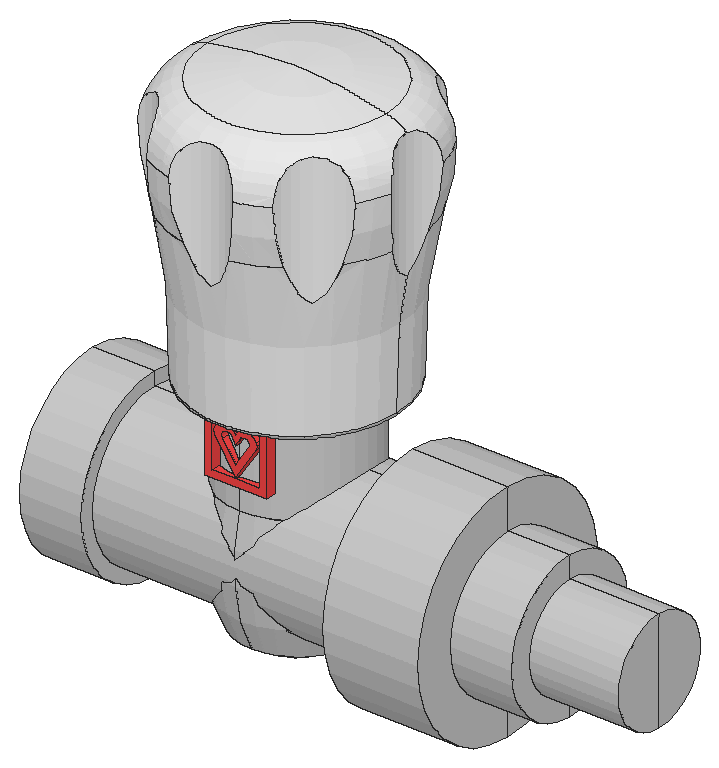
Revit family "GP Radiator Control Valve Straight Model 5523", category Rohrzubehör, Revit 2020
Family settings
  Bemaßung runder Anschluss = Durchmesser verwenden
  Teiletyp = Unterbricht
  OmniClass-Nummer = 23.65.55.14
  OmniClass-Titel = Valves for Liquid Services
  Arbeitsebenenbasiert = Nein
  Immer vertikal = Ja
  Beim Laden mit Abzugskörper schneiden = Nein
  Gemeinsam genutzt = Nein
Parameters
  W01 = 60.00°  # constant formula
  Vorgabe-Ansicht = 0.000 mm
  URL = "www.herzvalves.com"
  SCRNSEQ = "ARM;ARM_TYP=\"ALLF\";2"
  SCRNCODE = "05;00;02"  # constant formula
  S04 = 45.000 mm  # constant formula
  S03 = 61.000 mm  # constant formula
  S02 [instance] = L05 + L06 + L07  # 53.300 mm
  S01 = 10.000 mm  # constant formula
  R05 = 25.000 mm  # constant formula
  R04 = 2.000 mm  # constant formula
  R03 = 28.000 mm  # constant formula
  R02 = 11.500 mm  # constant formula
  R01 = 10.500 mm  # constant formula
  Part number [instance] = size_lookup("5523_", "Artnr", 0, Nennweite)  # 1552321
  Nennweite [instance] = 15.000 mm
  Model = "These universal models are nickel-plated and equipped with special sockets for threaded pipe and compression union connections."
  Medium = "Hot water quality according to Austrian standard ÖNORM H 5195 and/or VDI guideline 2035."
  Max. operating temperature = 110 °C  # constant formula
  Max. operating pressure = 1000000.0 Pa  # constant formula
  LO1 = 10.500 mm  # constant formula
  L07 [instance] = size_lookup("5523_", "L7", 1.000 mm, Nennweite)  # 22.300 mm
  L06 [instance] = size_lookup("5523_", "L6", 1.000 mm, Nennweite)  # 14.000 mm
  L05 [instance] = L02 - L04  # 17.000 mm
  L04 [instance] = size_lookup("5523_", "L4", 1.000 mm, Nennweite)  # 8.000 mm
  L03 [instance] = size_lookup("5523_", "L3", 1.000 mm, Nennweite)  # 9.000 mm
  L02 [instance] = size_lookup("5523_", "L2", 1.000 mm, Nennweite)  # 25.000 mm
  L01 [instance] = size_lookup("5523_", "L1", 1.000 mm, Nennweite)  # 30.000 mm
  Hersteller = "HERZ Armaturen Ges.m.b.H."  # constant formula
  Hand wheel = "plastic, white"  # constant formula
  H02 = 25.500 mm  # constant formula
  H01 = 17.000 mm  # constant formula
  GTI [instance] = size_lookup("5523_", "GT1", 1.000 mm, Nennweite)  # 13.200 mm
  GT [instance] = size_lookup("5523_", "GT", 1.000 mm, Nennweite)  # 9.500 mm
  G2 [instance] = Nennweite / 2  # 7.500 mm
  G1 [instance] = Nennweite / 2  # 7.500 mm
  D05 [instance] = size_lookup("5523_", "D5", 1.000 mm, Nennweite)  # 10.650 mm
  D04 [instance] = size_lookup("5523_", "D4", 1.000 mm, Nennweite)  # 16.500 mm
  D03 [instance] = size_lookup("5523_", "D3", 1.000 mm, Nennweite)  # 9.525 mm
  D02 [instance] = size_lookup("5523_", "D2", 1.000 mm, Nennweite)  # 11.500 mm
  D01 [instance] = size_lookup("5523_", "D1", 1.000 mm, Nennweite)  # 13.500 mm
  Body = "nickel-plated"  # constant formula
Reference planes
  plane 1 "Mitte (Vorne/hinten)": y = 0
  plane 2: z = 0
  plane 3 "Mitte (Links/rechts)": x = 0
Forms (mm)
  Revolve 1, solid, material "Messing, weicher Gelbton, geschweißt", detail levels fine
    sketch origin (0, 0, 0) x (1, 0, 0) y (0, 0, 1)
      loop
        line (-20.5, 0) -> (25, 0) -> (25, 9.525) -> (17, 9.525) -> (17, 11.5) -> (-21, 11.5) -> (-21, 13.5) -> (-30, 13.5) -> (-30, 7.5) -> (-20.5, 7.5) -> (-20.5, 0)
      axis (-30, 0) -> (25, 0)
    angle from 0 to 360
  Revolve 2, solid, material "Messing, weicher Gelbton, geschweißt", detail levels fine
    sketch origin (0, 0, 0) x (0, 1, 0) y (0, 0, 1)
      loop
        line (0, 25.5) -> (-10.5, 25.5) -> (-10.5, 7)
        arc (-10.5, 7) -> (-11.341, -2.816) -> (-8.325, -12.194) r 25
        line (-8.325, -12.194) -> (0, -17) -> (0, 25.5)
      axis (0, -17) -> (0, 25.5)
    angle from 0 to 360
  Revolve 3, solid, material "Messing, weicher Gelbton, geschweißt", detail levels fine
    sketch origin (0, 0, 0) x (1, 0, 0) y (0, 0, 1)
      loop
        line (25, 0) -> (53.3, 0) -> (53.3, 7.5) -> (40.1, 7.5) -> (40.1, 10.65) -> (31, 10.65) -> (31, 16.5) -> (17, 16.5) -> (17, 9.525) -> (25, 9.525) -> (25, 0)
      axis (17, 0) -> (53.3, 0)
    angle from 0 to 360
Lines and regions (mm)
  model lines, detail levels coarse+medium
    curve 1: line (-30, 0, 13.5) -> (-30, 0, -13.5)
    curve 2: line (-30, 0, -13.5) -> (30, 0, 13.5)
    curve 3: line (30, 0, 13.5) -> (30, 0, -13.5)
    curve 4: line (30, 0, -13.5) -> (-30, 0, 13.5)
    curve 5: line (30, 0, 13.5) -> (40, 0, 13.5)
    curve 6: line (40, 0, 13.5) -> (30, 0, 0)
    curve 7: line (30, 0, -13.5) -> (40, 0, -13.5)
    curve 8: line (40, 0, -13.5) -> (30, 0, 0)
    curve 9: line (30, 0, 0) -> (53.3, 0, 0)
    curve 10: line (0, 0, 0) -> (0, 0, 61)
    curve 11: line (-22.5, 0, 61) -> (22.5, 0, 61)
    curve 12: line (-30, 13.5, 0) -> (-30, -13.5, 0)
    curve 13: line (-30, -13.5, 0) -> (30, 13.5, 0)
    curve 14: line (30, 13.5, 0) -> (30, -13.5, 0)
    curve 15: line (30, -13.5, 0) -> (-30, 13.5, 0)
    curve 16: line (0, 0, 0) -> (0, 61, 0)
    curve 17: line (-22.5, 61, 0) -> (22.5, 61, 0)
    curve 18: line (30, 13.5, 0) -> (40, 13.5, 0)
    curve 19: line (40, 13.5, 0) -> (30, 0, 0)
    curve 20: line (30, -13.5, 0) -> (40, -13.5, 0)
    curve 21: line (40, -13.5, 0) -> (30, 0, 0)
Dimensions and locks
  "L01": Revolve 1 sketch curve to plane 3 "Mitte (Links/rechts)"
  "L02": Revolve 1 sketch curve to plane 3 "Mitte (Links/rechts)"
  "G1": Revolve 1 sketch curve to plane 2
  "GT": Revolve 1 sketch curve to Revolve 1 sketch curve
  "D01": Revolve 1 sketch curve to Revolve 1 sketch curve
  "D02": Revolve 1 sketch curve to Revolve 1 sketch curve
  "D03": Revolve 1 sketch curve to Revolve 1 sketch curve
  "L03": Revolve 1 sketch curve to Revolve 1 sketch curve
  "L04": Revolve 1 sketch curve to Revolve 1 sketch curve
  "H01": plane 2 to Revolve 2 sketch curve
  "H02": Revolve 2 sketch curve to plane 2
  "R01": Revolve 2 sketch curve to plane 1 "Mitte (Vorne/hinten)"
  "R02": Revolve 2 sketch curve to plane 1 "Mitte (Vorne/hinten)"
  "D03": Revolve 3 sketch curve to plane 2
  "L04": Revolve 3 sketch curve to Revolve 3 sketch curve
  "L05": Revolve 3 sketch curve to plane 3 "Mitte (Links/rechts)"
  "L06": Revolve 3 sketch curve to Revolve 3 sketch curve
  "L07": Revolve 3 sketch curve to Revolve 3 sketch curve
  "D04": Revolve 3 sketch curve to Revolve 3 sketch curve
  "G2": Revolve 3 sketch curve to Revolve 3 sketch curve
  "D05": Revolve 3 sketch curve to Revolve 3 sketch curve
  "GTI": Revolve 3 sketch curve to Revolve 3 sketch curve
  "LO1": nested 2 to plane 2
  "LO1": nested 1 to nested 2
  "D01": curve 4 to plane 2 to curve 2
  "D01": curve 3 to plane 2 to curve 4
  "L01": curve 1 to plane 3 "Mitte (Links/rechts)" to curve 3
  "S01": curve 3 to curve 6
  "S02": curve 9 to plane 3 "Mitte (Links/rechts)"
  "S03": curve 10 to plane 2
  equal spacing: curve 11, curve 10, curve 11
  "S04": curve 11 to curve 11
  "L01": curve 12 to plane 3 "Mitte (Links/rechts)" to curve 14
  "D01": curve 13 to plane 1 "Mitte (Vorne/hinten)" to curve 15
  "D01": curve 15 to plane 1 "Mitte (Vorne/hinten)" to curve 14
  "S03": plane 1 "Mitte (Vorne/hinten)" to curve 16
  equal spacing: curve 17, plane 3 "Mitte (Links/rechts)", curve 17
  "S04": curve 17 to curve 17
  "S01": curve 14 to curve 19
  "S01": curve 14 to curve 21
  "R05": radius of Revolve 2 sketch curve
  "W01": angle Revolve 2 sketch curve to Revolve 2 sketch curve
  aligned and locked: level to plane 2
Automatic sketch dimensions
  curve 10 to level = 0.000 mm
  curve 9 to level = 0.000 mm
  curve 3 to curve 7 = 10.000 mm
  curve 16 to plane 3 "Mitte (Links/rechts)" = 0.000 mm
  plane 1 "Mitte (Vorne/hinten)" to curve 19 = 0.000 mm
  Revolve 1 sketch curve to level = 0.000 mm  (x2)
  Revolve 1 sketch curve to Revolve 1 sketch curve = 1436.530 mm
  Revolve 1 sketch curve to Revolve 1 sketch curve = 1779.148 mm
  Revolve 2 sketch curve to plane 1 "Mitte (Vorne/hinten)" = 0.000 mm  (x2)
  Revolve 2 sketch curve to level = 0.000 mm
  Revolve 2 sketch curve to Revolve 2 sketch curve = 98.333 mm
  Revolve 2 sketch curve to Revolve 2 sketch curve = 1236.335 mm
  Revolve 3 sketch curve to level = 0.000 mm  (x2)
  Revolve 3 sketch curve to plane 3 "Mitte (Links/rechts)" = 1506.530 mm
  Revolve 3 sketch curve to Revolve 3 sketch curve = 1789.648 mm
Nested families
  nested 1: "Handrad-Heizkörperventile" at (0, 0, 20), type "Handrad-Heizkörperventile", detail levels fine
  nested 2: "Herz-Logo-vorne" at (0, -10.5, 15) x (0, 1, 0) z (0, 0, 1), type "Herz-Logo-vorne", detail levels fine
Connectors
  piping at (-20.5, 0, 0), diameter 15, driven by "Nennweite"
    settings: on Revolve 1, index 1, connector inside diameter 609.6 mm, connector length 0.000 mm, flow factor 0, pipe flow 0.0 L/s, pressure drop 0.0 Pa, fitting loss kfactor 0, connector angle 0.00°, fixture units 0, engagement length 0.000 mm, angle of deflection 0.00°, flow configuration 0, flow direction 1, fitting loss method 0, system type 7, joint type 0, gender type 0, connector reference index -1, connector utility 0, adjustable connector no, is connector primary yes, connector description ""
  piping at (53.3, 0, 0), diameter 15, driven by "Nennweite"
    settings: on Revolve 3, index 2, connector inside diameter 609.6 mm, connector length 0.000 mm, flow factor 0, pipe flow 0.0 L/s, pressure drop 0.0 Pa, fitting loss kfactor 0, connector angle 0.00°, fixture units 0, engagement length 0.000 mm, angle of deflection 0.00°, flow configuration 0, flow direction 2, fitting loss method 0, system type 7, joint type 0, gender type 0, connector reference index -1, connector utility 0, adjustable connector no, is connector primary no, connector description ""
Definition of nested family "Handrad-Heizkörperventile"
  Parameters (values of type "Handrad-Heizkörperventile")
    Default Elevation = 0.000 mm
    T01 = 5.500 mm  # constant formula
    R01 = 10.500 mm  # constant formula
  Reference planes
    plane 1 "Mitte (Vorne/hinten)": y = 0
    plane 2: z = 0
    plane 3 "Mitte (Links/rechts)": x = 0
  Forms (mm)
    Revolve 1, solid, detail levels fine
      sketch origin (0, 0, 0) x (1, 0, 0) y (0, 0, 1)
        loop
          line (10.5, 0) -> (14.25, 0)
          arc (14.25, 0) -> (14.604, 0.146) -> (14.75, 0.5) r 0.5
          arc (14.75, 0.5) -> (15.098, 12.356) -> (17.195, 24.03) r 80
          arc (17.195, 24.03) -> (18.172, 28.281) -> (18.5, 32.63) r 29
          arc (18.5, 32.63) -> (17.011, 36.946) -> (13.177, 39.426) r 7
          arc (13.177, 39.426) -> (6.637, 40.626) -> (0, 41.028) r 55
          line (0, 41.028) -> (0, 5.5) -> (10.5, 5.5) -> (10.5, 0)
        axis (0, 41.028) -> (0, 0)
      angle from 0 to 360
    Extrusion 2, void
      sketch origin (0, 0, 0) x (1, 0, 0) y (0, 1, 0)
        loop
          arc (-16.011, 9.268) -> (-11.314, 11.314) -> (-9.268, 16.011) r 7
          arc (-9.268, 16.011) -> (-13.081, 13.081) -> (-16.011, 9.268) r 18.5
        loop
          arc (16.011, 9.268) -> (13.081, 13.081) -> (9.268, 16.011) r 18.5
          arc (9.268, 16.011) -> (11.314, 11.314) -> (16.011, 9.268) r 7
        loop
          arc (-16.011, -9.268) -> (-13.081, -13.081) -> (-9.268, -16.011) r 18.5
          arc (-9.268, -16.011) -> (-11.314, -11.314) -> (-16.011, -9.268) r 7
        loop
          arc (16.011, -9.268) -> (11.314, -11.314) -> (9.268, -16.011) r 7
          arc (9.268, -16.011) -> (13.081, -13.081) -> (16.011, -9.268) r 18.5
        loop
          arc (17.953, 4.58) -> (16.078, -0.188) -> (17.953, -4.956) r 7
          arc (17.953, -4.956) -> (18.578, -0.188) -> (17.953, 4.58) r 18.5
        loop
          arc (-17.953, 4.58) -> (-18.578, -0.188) -> (-17.953, -4.956) r 18.5
          arc (-17.953, -4.956) -> (-16.078, -0.188) -> (-17.953, 4.58) r 7
        loop
          arc (-4.58, 17.953) -> (0.188, 16.078) -> (4.956, 17.953) r 7
          arc (4.956, 17.953) -> (0.188, 18.578) -> (-4.58, 17.953) r 18.5
        loop
          arc (-4.58, -17.953) -> (0.188, -18.578) -> (4.956, -17.953) r 18.5
          arc (4.956, -17.953) -> (0.188, -16.078) -> (-4.58, -17.953) r 7
      from 15.609 to 43.011
  Cuts and joins
    Extrusion 2 cuts Revolve 1
  Dimensions and locks
    "R01": Revolve 1 sketch curve to Revolve 1 sketch curve
    Revolve 1 sketch curve to plane 3 "Mitte (Links/rechts)" = 14.750 mm
    "T01": Revolve 1 sketch curve to Revolve 1 sketch curve
    aligned and locked: level to plane 2
  Automatic sketch dimensions
    Extrusion 2 sketch curve to Extrusion 2 sketch curve = 0.000 mm  (x14)
    plane 1 "Mitte (Vorne/hinten)" to Extrusion 2 sketch curve = 0.000 mm
    Extrusion 2 sketch curve to plane 3 "Mitte (Links/rechts)" = 0.000 mm
    Extrusion 2 sketch curve to plane 3 "Mitte (Links/rechts)" = 0.078 mm
    Extrusion 2 sketch curve to plane 3 "Mitte (Links/rechts)" = 16.263 mm  (x2)
    plane 1 "Mitte (Vorne/hinten)" to Extrusion 2 sketch curve = 0.188 mm  (x2)
    Extrusion 2 sketch curve to Extrusion 2 sketch curve = 6.815 mm  (x4)
    plane 3 "Mitte (Links/rechts)" to Extrusion 2 sketch curve = 0.078 mm
    plane 3 "Mitte (Links/rechts)" to Extrusion 2 sketch curve = 0.188 mm  (x2)
    plane 1 "Mitte (Vorne/hinten)" to Extrusion 2 sketch curve = 0.078 mm
    Extrusion 2 sketch curve to Extrusion 2 sketch curve = 0.110 mm  (x2)
    Extrusion 2 sketch curve to plane 1 "Mitte (Vorne/hinten)" = 0.078 mm
    plane 3 "Mitte (Links/rechts)" to Extrusion 2 sketch curve = 16.263 mm  (x2)
    plane 1 "Mitte (Vorne/hinten)" to Extrusion 2 sketch curve = 16.263 mm  (x2)
    Extrusion 2 sketch curve to plane 1 "Mitte (Vorne/hinten)" = 16.263 mm  (x2)
    Extrusion 2 sketch curve to plane 3 "Mitte (Links/rechts)" = 4.580 mm  (x2)
    Extrusion 2 sketch curve to Extrusion 2 sketch curve = 4.688 mm  (x2)
    Extrusion 2 sketch curve to Extrusion 2 sketch curve = 0.252 mm  (x4)
    Extrusion 2 sketch curve to Extrusion 2 sketch curve = 1.942 mm  (x4)
    Extrusion 2 sketch curve to Extrusion 2 sketch curve = 4.312 mm  (x4)
    Revolve 1 sketch curve to plane 3 "Mitte (Links/rechts)" = 0.000 mm  (x2)
    Revolve 1 sketch curve to level = 0.000 mm
    Revolve 1 sketch curve to plane 3 "Mitte (Links/rechts)" = 10.500 mm
    plane 3 "Mitte (Links/rechts)" to Revolve 1 sketch curve = 11.500 mm
    Revolve 1 sketch curve to Revolve 1 sketch curve = 0.500 mm
    level to Revolve 1 sketch curve = 4.086 mm
    Revolve 1 sketch curve to Revolve 1 sketch curve = 79.920 mm
    Revolve 1 sketch curve to level = 13.972 mm
    Revolve 1 sketch curve to Revolve 1 sketch curve = 27.130 mm
    Revolve 1 sketch curve to Revolve 1 sketch curve = 8.398 mm
    Revolve 1 sketch curve to Revolve 1 sketch curve = 0.000 mm
    Revolve 1 sketch curve to Revolve 1 sketch curve = 1.305 mm
    Revolve 1 sketch curve to Revolve 1 sketch curve = 352.073 mm
    Revolve 1 sketch curve to Revolve 1 sketch curve = 2173.287 mm
Definition of nested family "Herz-Logo-vorne"
  Parameters (values of type "Herz-Logo-vorne")
    Default Elevation = 0.000 mm
  Reference planes
    plane 1 "Mitte (Vorne/hinten)": y = 0
    plane 2: z = 0
    plane 3 "Mitte (Links/rechts)": x = 0
  Forms (mm)
    Extrusion 1, solid
      sketch origin (0.732, -0.018, 0.017) x (0, -1, 0) y (0, 0, 1)
        loop
          line (-0.018, -4.517) -> (4.482, -4.517) -> (4.482, 4.483) -> (-4.518, 4.483) -> (-4.518, -4.517) -> (-0.018, -4.517)
        loop
          line (-0.05, -3.48) -> (3.482, -3.48) -> (3.482, 3.483) -> (-3.518, 3.483) -> (-3.518, -3.48) -> (-0.05, -3.48)
        loop
          arc (-0.018, 2.383) -> (-1.543, 3.287) -> (-3.067, 2.383) r 1.738
          arc (-3.067, 2.383) -> (-3.191, 1.899) -> (-3.067, 1.415) r 1.009
          line (-3.067, 1.415) -> (-0.018, -3.281) -> (3.032, 1.415)
          arc (3.032, 1.415) -> (3.156, 1.899) -> (3.032, 2.383) r 1.009
          arc (3.032, 2.383) -> (1.507, 3.287) -> (-0.018, 2.383) r 1.738
        loop
          arc (1.885, 1.272) -> (2.005, 1.675) -> (1.885, 2.079) r 0.74
          arc (1.885, 2.079) -> (1.265, 2.416) -> (0.644, 2.079) r 0.74
          line (0.644, 2.079) -> (-0.018, 0.97) -> (-0.679, 2.079)
          arc (-0.679, 2.079) -> (-1.3, 2.416) -> (-1.921, 2.079) r 0.74
          arc (-1.921, 2.079) -> (-2.04, 1.675) -> (-1.921, 1.272) r 0.74
          line (-1.921, 1.272) -> (-0.018, -1.658) -> (1.885, 1.272)
      from 0 to 1.5
  Dimensions and locks
    aligned and locked: level to plane 2
